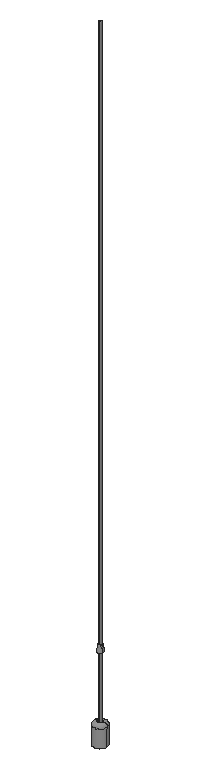
Revit family "Coral 600", category Lighting Fixtures, host Ceiling, Revit 2017
Family settings
  Host = Ceiling
  Round Connector Dimension = Use Diameter
  Part Type = Normal
  OmniClass Number = 23.80.70.11
  OmniClass Title = Luminaries for Internal Lighting
  Always vertical = Yes
  Cut with Voids When Loaded = No
  Light Source = Yes
  Shared = No
  Room Calculation Point = No
Parameters (values of type "Generic")
  Wattage Comments = "Max. 60 Watts. 110V(US) / 230-240V(EU). Lamp NOT provided."
  Wattage = 6.7321 W
  built-in parameter 1150110 = 1 (stored number, unit not read)
  URL = "https://www.davidtrubridge.com"
  Type Comments = "Ceilig Rose required, contact supplier for options."
  built-in parameter 1114217 = 1 (stored number, unit not read)
  built-in parameter 1150109 = 1 (stored number, unit not read)
  built-in parameter 1150134 = (empty or 0)
  Suspension Top [instance] = Suspension Mid - 300 mm  # 1700 mm
  built-in parameter 1150113 = 1 (stored number, unit not read)
  Model = "Coral 600"
  Manufacturer = "David Trubridge"
  Lumens = 1000 lm
  built-in parameter 1150115 = 1 (stored number, unit not read)
  built-in parameter 1150105 = 79.577 (stored number, unit not read)
  Suspension Mid [instance] = 2000 mm
  Light Source Symbol Size = 300 mm
  built-in parameter 1150137 = (empty or 0)
  built-in parameter 1150139 = (empty or 0)
  Lamp Wattage = 0 W
  built-in parameter 1150112 = 1 (stored number, unit not read)
  built-in parameter 1150114 = 1 (stored number, unit not read)
  Lamp = "E27 / (E26 USA)"
  built-in parameter 1150132 = 2
  built-in parameter 1150102 = (empty or 0)
  built-in parameter 1150138 = (empty or 0)
  built-in parameter 1150107 = 3000 (stored number, unit not read)
  built-in parameter 1150106 = 0.79577 (stored number, unit not read)
  built-in parameter 1150104 = 13.8 (stored number, unit not read)
  Dimming Lamp Color Temperature Shift = <None>
  Description = "Pendant in bamboo plywood. Can be made in a large range of colours. Lamp is not supplied"
  Cordset Finish = Plastic, Opaque White
  Color Filter = 16777215
  built-in parameter 1114218 = 1 (stored number, unit not read)
  built-in parameter 1150133 = 10 (stored number, unit not read)
  Apparent Load = 0 VA
Reference planes
  plane 1 "Light Source Axis (F/B)": y = 0
  plane 2: z = 0
  plane 3 "Light Source Axis (L/R)": x = 0
  plane 4 "Ceiling": z = 4000
  plane 5 "Light Source Elevation": z = 2000
  plane 6 "Top of pendant": z = 2300
  plane 7 "Light Socket": z = 2050
  plane 8: x = 300
  plane 9: x = -300
  plane 10 "Bottom of pendant": z = 1700
Forms (mm)
  Revolve 1, solid, material "Plastic, Opaque White" <- "Cordset Finish"
    sketch origin (0, 0, -205) x (1, 0, 0) y (0, 0, 1)
      loop
        line (0, 2317) -> (0, 2255) -> (20, 2255) -> (20, 2307)
        arc (20, 2307) -> (17.071, 2314.071) -> (10, 2317) r 10
        line (10, 2317) -> (0, 2317)
      axis (0, 2255) -> (0, 2317)
    angle from 0 to 360
  Extrusion 2, solid, material "Plastic, Opaque White" <- "Cordset Finish"
    sketch origin (0, 0, 3200) x (0, 1, 0) y (-1, 0, 0)
      loop
        circle (0, 0) r 3
    from -900 to 800
  Extrusion 3, solid, material "Plastic, Opaque White" <- "Cordset Finish"
    sketch origin (0, 0, 3200) x (0, 1, 0) y (-1, 0, 0)
      loop
        circle (0, 0) r 3
    from -1150 to -900
  Revolve 4, solid, material "Plastic, Opaque White" <- "Cordset Finish"
    sketch origin (0, 0, -40) x (1, 0, 0) y (0, 0, 1)
      loop
        line (0, 2360) -> (0, 2340) -> (7.5, 2340) -> (5, 2360) -> (0, 2360)
      axis (0, 2340) -> (0, 2360)
    angle from 0 to 360
Dimensions and locks
  equal spacing: host sketch curve, plane 3 "Light Source Axis (L/R)", host sketch curve
  equal spacing: host sketch curve, plane 1 "Light Source Axis (F/B)", host sketch curve
  host sketch curve to host sketch curve = 4000 mm  (x2)
  plane 4 "Ceiling" to host ceiling = 0 mm
  plane 4 "Ceiling" to level = 4000 mm
  "Suspension Mid": plane 5 "Light Source Elevation" to plane 4 "Ceiling"
  locked: plane 5 "Light Source Elevation" to plane 6 "Top of pendant" at 300
  locked: plane 5 "Light Source Elevation" to plane 7 "Light Socket" at 50
  plane 9 to plane 8 = 600 mm
  locked: plane 10 "Bottom of pendant" to plane 5 "Light Source Elevation" at 300
  "Suspension Top": Revolve 4 to plane 4 "Ceiling"
  aligned and locked: plane 3 "Light Source Axis (L/R)" to imposter light
  aligned and locked: plane 1 "Light Source Axis (F/B)" to imposter light
  aligned and locked: plane 5 "Light Source Elevation" to imposter light
  aligned and locked: Extrusion 2 to plane 6 "Top of pendant"
  aligned and locked: Extrusion 3 to Revolve 1
  aligned and locked: plane 7 "Light Socket" to Extrusion 3
  aligned and locked: Extrusion 3 to plane 6 "Top of pendant"
  aligned and locked: import instance to plane 6 "Top of pendant"
Automatic sketch dimensions
  Revolve 1 sketch curve to plane 3 "Light Source Axis (L/R)" = 0 mm
  plane 3 "Light Source Axis (L/R)" to Revolve 1 sketch curve = 0 mm
  plane 3 "Light Source Axis (L/R)" to Revolve 1 sketch curve = 10 mm
  Revolve 1 sketch curve to Revolve 1 sketch curve = 20 mm
  Revolve 1 sketch curve to plane 5 "Light Source Elevation" = 50 mm
  Revolve 1 sketch curve to Revolve 1 sketch curve = 52 mm
  Revolve 1 sketch curve to level = 563.228 mm
  Revolve 1 sketch curve to plane 4 "Ceiling" = 157.185 mm
  plane 1 "Light Source Axis (F/B)" to Extrusion 2 sketch curve = 0 mm
  Extrusion 2 sketch curve to plane 3 "Light Source Axis (L/R)" = 0 mm
  plane 1 "Light Source Axis (F/B)" to Extrusion 3 sketch curve = 0 mm
  Extrusion 3 sketch curve to plane 3 "Light Source Axis (L/R)" = 0 mm
  Revolve 4 sketch curve to plane 3 "Light Source Axis (L/R)" = 0 mm  (x2)
  plane 6 "Top of pendant" to Revolve 4 sketch curve = 0 mm
  plane 3 "Light Source Axis (L/R)" to Revolve 4 sketch curve = 5 mm
  plane 3 "Light Source Axis (L/R)" to Revolve 4 sketch curve = 7.5 mm
  Revolve 4 sketch curve to plane 6 "Top of pendant" = 20 mm
  Revolve 4 sketch curve to level = 344.8 mm
  plane 4 "Ceiling" to Revolve 4 sketch curve = 40 mm
  radius of Extrusion 2 sketch curve = 3 mm
  radius of Extrusion 3 sketch curve = 3 mm
Connectors
  electrical at (0, 0, 4000)
    settings: index 1, voltage 0 V, apparent load 0 VA, apparent load phase1 0 VA, apparent load phase2 0 VA, apparent load phase3 0 VA, power factor 1, load classification "Other", number of poles 1, system type 30, power factor state 0, is connector primary yes, connector utility no, sub classification motor no, connector description ""
